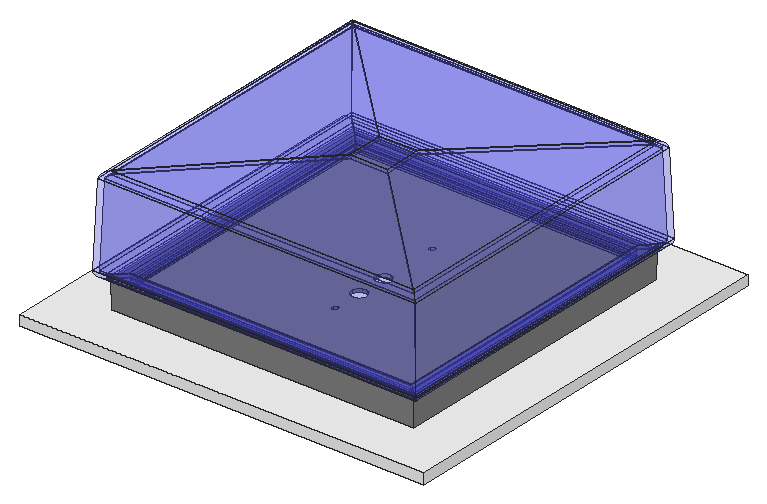
Revit family "BE_38302_de_DE", category Leuchten, Revit 2020
Family settings
  Basisbauteil = Fläche
  Bemaßung runder Anschluss = Durchmesser verwenden
  Teiletyp = Normal
  Beim Laden mit Abzugskörper schneiden = Ja
  Lichtquelle = Ja
  Gemeinsam genutzt = Nein
  Raumberechnungspunkt = Ja
Parameters (values of type "BEGA_38302_Grafit_K3")
  built-in parameter 1150104 = 8.8258 (stored number, unit not read)
  Wattage = 32 W
  Default Elevation = 0 mm
  built-in parameter 1150113 = 1 (stored number, unit not read)
  built-in parameter 1114218 = 1 (stored number, unit not read)
  Umgebungstemperatur = "25 °C"
  URL = "https://www.bega.com/de/produkt/38302"
  Typenkommentare = "© 2022 BEGA. Wir behalten uns das Recht vor, technische Änderungen ohne vorherige Ankündigung vorzunehmen."  # constant formula
  Type Image = 38302.png
  built-in parameter 1150134 = (empty or 0)
  built-in parameter 1150109 = 1 (stored number, unit not read)
  Strom = ""
  built-in parameter 1150110 = 1 (stored number, unit not read)
  Spannung = 230 V
  Sonderanfertigung = no
  Seriennummer [instance] = "Hier können Sie die eindeutige Seriennummer für das Facility Management eintragen."
  Schutzklasse = "I"
  Schutzart = "IP 44"
  Scheinlast = 0 VA
  Produktdatenblatt = "https://cdn.bega.com/bega/products/38302K3/current/documents/data-sheets/de"
  Oberflächentemperatur = ""
  Neigungswinkel = 0.00°
  Modell = "38302K3"
  Material_11 = BEGA_Glas_opal
  Material_01 [instance] = BEGA_Oberfläche_Grafit_matt
  M_W = no
  M_G = yes
  M_A = no
  Logo = 0
  built-in parameter 1114217 = 1 (stored number, unit not read)
  built-in parameter 1150139 = (empty or 0)
  built-in parameter 1150105 = 241.92 (stored number, unit not read)
  built-in parameter 1150114 = 1 (stored number, unit not read)
  Lumens = 3040 lm
  built-in parameter 1150115 = 1 (stored number, unit not read)
  Leuchtenlichtstrom = "2348 lm"
  Leuchtenanzahl = ""
  Lebensdauerkriterien = "L70B50 @ 25 °C = 81000 h"
  Lastklassifizierung = Beleuchtung
  built-in parameter 1150112 = 1 (stored number, unit not read)
  Lampenlichtstrom = "3040 lm"
  Lampe = "LED 28 W"
  LED_Modulbezeichnung = "2x LED-0608/830"
  built-in parameter 1150142 = (empty or 0)
  Hersteller = "BEGA"  # constant formula
  Gewicht = "4.0 kg"
  Gebrauchslageneinschränkung [instance] = ""
  Frequenz = "50/60 Hz"
  Farbwiedergabeindex = "CRI > 80"
  Farbtemperaturverschiebung bei Dämpfen der Lampe = <Keine Auswahl>
  Farbtemperatur = "3000 K"
  Color Filter = 16777215
  built-in parameter 1150133 = 10 (stored number, unit not read)
  Energieeffizienzklasse = "LED A++ - A"
  built-in parameter 1150137 = (empty or 0)
  built-in parameter 1150132 = (empty or 0)
  ENEC = "ja"
  Datei für fotometrisches Netz = "BE_38302K3.IES"
  CE_Konformität = "ja"
  Bestellnummer = "38302K3"
  Beschreibung_Sonderanfertigung = "Hier können Sie Informationen zur Sonderanfertigung eintragen."
  Beschreibung = "Lichtbaustein"
  built-in parameter 1150106 = 2.4192 (stored number, unit not read)
  Befestigungsbohrung = "Ø 5,2 mm"
  Befestigungsabstand = "120 mm"
  Ballwurfsicher = ""
  BEGA_Intern_aus = yes
  BEGA_Intern_an = yes
  BEGA_Intern_Konstruktion = yes
  BEGA_Intern = yes
  BEGA_IES = yes
  BEGA_Dummy = no
  Anschlussleitung = ""
  Anschlussleistung [instance] = "28 W"
  built-in parameter 1150107 = 3000 (stored number, unit not read)
  built-in parameter 1150102 = (empty or 0)
  built-in parameter 1150138 = (empty or 0)
  Aktualisierung = "2022-05-18T04:00:07"
  AC/DC = "AC"
Reference planes
  plane 1 "Mitte (Vorne/Hinten)": y = 0
  plane 2: z = 0
  plane 3 "Mitte (Links/Rechts)": x = 0
  plane 4 "Links": x = -159.844
  plane 5 "Rechts": x = 159.844
  plane 6 "Unten": y = -159.737
  plane 7 "Oben": y = 159.737
  plane 8 "Vorne": z = 125.45
Forms (mm)
  Extrusion 1, solid, material "BEGA_Platte_Weiss"
    sketch origin (0, -1119.2, 0) x (1, 0, 0) y (0, 1, 0)
      loop
        line (-200, 1319.2) -> (-200, 919.2) -> (200, 919.2) -> (200, 1319.2) -> (-200, 1319.2)
    from 0 to -10
  Extrusion 2, solid, material "BEGA_Dummy_matt", visible <- "BEGA_Dummy"
    sketch origin (80.095, -76.023, 0) x (1, 0, 0) y (0, 1, 0)
      loop
        line (-239.94, 235.76) -> (-239.94, -83.713) -> (79.749, -83.713) -> (79.749, 235.76) -> (-239.94, 235.76)
    from 0 to 125.45
Dimensions and locks
  plane 1 "Mitte (Vorne/Hinten)" to Extrusion 1 = 200 mm
  aligned and locked: plane 2 to Extrusion 1
  aligned and locked: level to Extrusion 1
Nested families
  nested 1: "BE_38302" at (0, 0, 0), type "BE_38302"
Connectors
  electrical at (0, 0, 0), driven by "Lastklassifizierung", driven by "Spannung", driven by "Scheinlast"
    settings: index 1, voltage 230 V, apparent load 0 VA, apparent load phase1 0 VA, apparent load phase2 0 VA, apparent load phase3 0 VA, power factor 1, load classification "Beleuchtung", number of poles 1, system type 31, power factor state 1, is connector primary yes, connector utility no, sub classification motor no, connector description ""
Definition of nested family "BE_38302"
  Parameters (values of type "BE_38302")
    Default Elevation = 1 mm
    URL = "http://www.bega.de/de/produkt"
    Type Comments = "© 2015 BEGA. Wir behalten uns das Recht vor, technische Änderungen ohne vorherige Ankündigung vorzunehmen. "  # constant formula
    Type Image = (empty or 0)
    Material_17 = none
    Material_15 = none
    Material_11 = none
    Material_09 = none
    Material_06 = none
    Material_02 = none
    Material_01 = none
    M_W = yes
    M_G = yes
    M_A = yes
    Länge_Platte = 200 mm  # constant formula
    Höhe_Platte = -10 mm  # constant formula
    Manufacturer = "BEGA"  # constant formula
    Breite_Platte = 200 mm  # constant formula
  Reference planes
    plane 1 "Mitte (Oben/Unten)": y = 0
    plane 2: z = 0
    plane 3 "Mitte (Links/Rechts)": x = 0
    plane 4 "Vorne": z = 125.45
    plane 5: x = 159.844
    plane 6: x = -159.844
    plane 7: y = 159.737
    plane 8: y = -159.737
  Forms (mm)
    Extrusion 1, solid, detail levels medium
      sketch origin (0, 0, 0) x (1, 0, 0) y (0, 1, 0)
        loop
          line (-100, 100) -> (-100, -100) -> (100, -100) -> (100, 100) -> (-100, 100)
      from 0 to -10 <- "Höhe_Platte"
    Sweep 2, solid, material <- "Material_01", visible <- "M_G", detail levels medium+fine
      path origin (0, 0, 0) x (1, 0, 0) y (0, 1, 0)
        loop
          line (-115.275, -115.275) -> (115.275, -115.275) -> (115.275, 115.275) -> (-115.275, 115.275) -> (-115.275, -115.275)
      profile origin (-115.275, 0, 0) x (-1, 0, 0) y (0, 0, 1)
        loop
          line (34.271, 0) -> (34.725, 26) -> (35.699, 26) -> (35.725, 27.5) -> (32.525, 27.5) -> (32.289, 14) -> (-82.199, 14) -> (-82.199, 11.5) -> (32.321, 11.5) -> (32.521, 0) -> (34.271, 0)
    Extrusion 3, solid, material <- "Material_01", visible <- "M_G", detail levels medium+fine
      sketch origin (0, 0, 0) x (1, 0, 0) y (0, 1, 0)
        loop
          line (-33.076, -33.076) -> (33.076, -33.076) -> (33.076, 33.076) -> (-33.076, 33.076) -> (-33.076, -33.076)
      from 11.5 to 14
    Sweep 4, solid, material <- "Material_11", detail levels medium+fine
      path origin (0, 0, 0) x (1, 0, 0) y (0, 1, 0)
        loop
          line (-115.275, -115.275) -> (115.275, -115.275) -> (115.275, 115.275) -> (-115.275, 115.275) -> (-115.275, -115.275)
      profile origin (-115.275, 0, 0) x (-1, 0, 0) y (0, 0, 1)
        loop
          line (24.225, 15.5) -> (27.725, 15.5) -> (27.725, 20.495) -> (23.975, 21.5) -> (23.975, 26.523)
          arc (23.975, 26.523) -> (24.26, 27.222) -> (24.952, 27.522) r 1
          line (24.952, 27.522) -> (37.632, 27.812)
          arc (37.632, 27.812) -> (42.555, 30.004) -> (44.462, 35.045) r 7
          line (44.462, 35.045) -> (41.635, 115.974)
          arc (41.635, 115.974) -> (39.549, 120.703) -> (34.786, 122.712) r 7
          arc (34.786, 122.712) -> (-30.852, 124.507) -> (-96.507, 125.45) r 5054.969
          line (-96.507, 125.45) -> (-96.507, 121.95)
          arc (-96.507, 121.95) -> (-30.885, 121.138) -> (34.713, 119.212) r 3868.12
          arc (34.713, 119.212) -> (37.095, 118.208) -> (38.138, 115.844) r 3.5
          line (38.138, 115.844) -> (40.964, 34.927)
          arc (40.964, 34.927) -> (40.007, 32.404) -> (37.541, 31.311) r 3.5
          line (37.541, 31.311) -> (24.872, 31.021)
          arc (24.872, 31.021) -> (21.757, 29.668) -> (20.475, 26.523) r 4.5
          line (20.475, 26.523) -> (20.475, 22.267)
          arc (20.475, 22.267) -> (21.538, 19.363) -> (24.225, 17.83) r 4.5
          line (24.225, 17.83) -> (24.225, 15.5)
    Extrusion 5, solid, material <- "Material_11", detail levels medium+fine
      sketch origin (0, 0, 0) x (1, 0, 0) y (0, 1, 0)
        loop
          line (-18.767, 18.767) -> (-18.767, -18.767) -> (18.767, -18.767) -> (18.767, 18.767) -> (-18.767, 18.767)
      from 121.95 to 125.45
    Extrusion 6, void
      sketch origin (0, 0, 0) x (1, 0, 0) y (0, 1, 0)
        loop
          circle (0, 60) r 2.6
        loop
          circle (0, -60) r 2.6
        loop
          circle (0, 0) r 7.5
        loop
          circle (0, -30) r 7.5
      from 0 to 33.165
  Cuts and joins
    Extrusion 6 cuts Sweep 2
    Extrusion 6 cuts Extrusion 3
    joined: Sweep 2, Extrusion 3
    Extrusion 6 cuts Sweep 4
    Extrusion 6 cuts Extrusion 5
    joined: Sweep 4, Extrusion 5
  Dimensions and locks
    equal spacing: Extrusion 1 sketch curve, plane 3 "Mitte (Links/Rechts)", Extrusion 1 sketch curve
    equal spacing: Extrusion 1 sketch curve, plane 1 "Mitte (Oben/Unten)", Extrusion 1 sketch curve
    "Länge_Platte": Extrusion 1 sketch curve to Extrusion 1 sketch curve
    "Breite_Platte": Extrusion 1 sketch curve to Extrusion 1 sketch curve
    aligned and locked: plane 2 to Extrusion 1
    aligned and locked: level to Extrusion 1
  Automatic sketch dimensions
    Sweep 2 sketch curve to level = 0 mm
    level to Sweep 2 sketch curve = 14 mm
    profile plane to Sweep 2 sketch curve = 82.199 mm
    Sweep 2 sketch curve to profile plane = 32.289 mm
    Sweep 2 sketch curve to Sweep 2 sketch curve = 0.031 mm
    Sweep 2 sketch curve to Sweep 2 sketch curve = 0.201 mm
    Sweep 2 sketch curve to Sweep 2 sketch curve = 1.75 mm
    Sweep 2 sketch curve to Sweep 2 sketch curve = 3.436 mm
    Sweep 2 sketch curve to Sweep 2 sketch curve = 2.5 mm
    Sweep 2 sketch curve to Sweep 2 sketch curve = 13.5 mm
    Sweep 2 sketch curve to Sweep 2 sketch curve = 3.2 mm
    Sweep 2 sketch curve to Sweep 2 sketch curve = 1 mm
    Sweep 2 sketch curve to Sweep 2 sketch curve = 0.974 mm
    Sweep 2 sketch curve to Sweep 2 sketch curve = 1.5 mm
    Extrusion 3 sketch curve to plane 3 "Mitte (Links/Rechts)" = 33.076 mm
    Extrusion 3 sketch curve to plane 1 "Mitte (Oben/Unten)" = 33.076 mm
    plane 3 "Mitte (Links/Rechts)" to Extrusion 3 sketch curve = 33.076 mm
    plane 1 "Mitte (Oben/Unten)" to Extrusion 3 sketch curve = 33.076 mm
    Sweep 4 sketch curve to Sweep 4 sketch curve = 0 mm  (x10)
    profile plane to Sweep 4 sketch curve = 136.265 mm
    profile plane to Sweep 4 sketch curve = 111.569 mm
    profile plane to Sweep 4 sketch curve = 96.507 mm
    Sweep 4 sketch curve to profile plane = 20.475 mm
    Sweep 4 sketch curve to Sweep 4 sketch curve = 3.5 mm
    Sweep 4 sketch curve to Sweep 4 sketch curve = 1 mm  (x2)
    Sweep 4 sketch curve to Sweep 4 sketch curve = 2.75 mm
    Sweep 4 sketch curve to profile plane = 34.64 mm
    Sweep 4 sketch curve to Sweep 4 sketch curve = 12.49 mm
    Sweep 4 sketch curve to Sweep 4 sketch curve = 0.076 mm
    level to Sweep 4 sketch curve = 27.812 mm
    Sweep 4 sketch curve to Sweep 4 sketch curve = 0.091 mm
    Sweep 4 sketch curve to Sweep 4 sketch curve = 3.498 mm  (x4)
    Sweep 4 sketch curve to Sweep 4 sketch curve = 1.29 mm
    Sweep 4 sketch curve to Sweep 4 sketch curve = 4.255 mm
    Sweep 4 sketch curve to Sweep 4 sketch curve = 0.767 mm
    Sweep 4 sketch curve to Sweep 4 sketch curve = 1.772 mm
    Sweep 4 sketch curve to Sweep 4 sketch curve = 4.995 mm
    Sweep 4 sketch curve to level = 3746.141 mm
    Sweep 4 sketch curve to Sweep 4 sketch curve = 1183.222 mm
    Sweep 4 sketch curve to Sweep 4 sketch curve = 3.499 mm  (x2)
    Sweep 4 sketch curve to Sweep 4 sketch curve = 80.903 mm
    Sweep 4 sketch curve to Sweep 4 sketch curve = 0.131 mm
    Sweep 4 sketch curve to Sweep 4 sketch curve = 0.13 mm
    level to Sweep 4 sketch curve = 125.45 mm
    Sweep 4 sketch curve to Sweep 4 sketch curve = 0.25 mm
    Sweep 4 sketch curve to Sweep 4 sketch curve = 0.103 mm
    Sweep 4 sketch curve to Sweep 4 sketch curve = 0.023 mm
    Sweep 4 sketch curve to Sweep 4 sketch curve = 0.073 mm
    Extrusion 5 sketch curve to plane 3 "Mitte (Links/Rechts)" = 18.767 mm
    Extrusion 5 sketch curve to plane 1 "Mitte (Oben/Unten)" = 18.767 mm
    plane 1 "Mitte (Oben/Unten)" to Extrusion 5 sketch curve = 18.767 mm
    plane 3 "Mitte (Links/Rechts)" to Extrusion 5 sketch curve = 18.767 mm
    Extrusion 6 sketch curve to plane 3 "Mitte (Links/Rechts)" = 0 mm  (x4)
    plane 1 "Mitte (Oben/Unten)" to Extrusion 6 sketch curve = 0 mm
    plane 1 "Mitte (Oben/Unten)" to Extrusion 6 sketch curve = 30 mm
    Extrusion 6 sketch curve to Extrusion 6 sketch curve = 30 mm
    Extrusion 6 sketch curve to Extrusion 6 sketch curve = 60 mm
    Sweep 2 sketch curve to plane 3 "Mitte (Links/Rechts)" = 115.275 mm
    Sweep 4 sketch curve to plane 3 "Mitte (Links/Rechts)" = 115.275 mm
    plane 3 "Mitte (Links/Rechts)" to Sweep 2 sketch curve = 115.275 mm
    plane 3 "Mitte (Links/Rechts)" to Sweep 4 sketch curve = 115.275 mm
    Sweep 2 sketch curve to plane 1 "Mitte (Oben/Unten)" = 115.275 mm
    Sweep 4 sketch curve to plane 1 "Mitte (Oben/Unten)" = 115.275 mm
    plane 1 "Mitte (Oben/Unten)" to Sweep 2 sketch curve = 115.275 mm
    plane 1 "Mitte (Oben/Unten)" to Sweep 4 sketch curve = 115.275 mm
    radius of Extrusion 6 sketch curve = 2.6 mm  (x2)
    radius of Extrusion 6 sketch curve = 7.5 mm  (x2)
